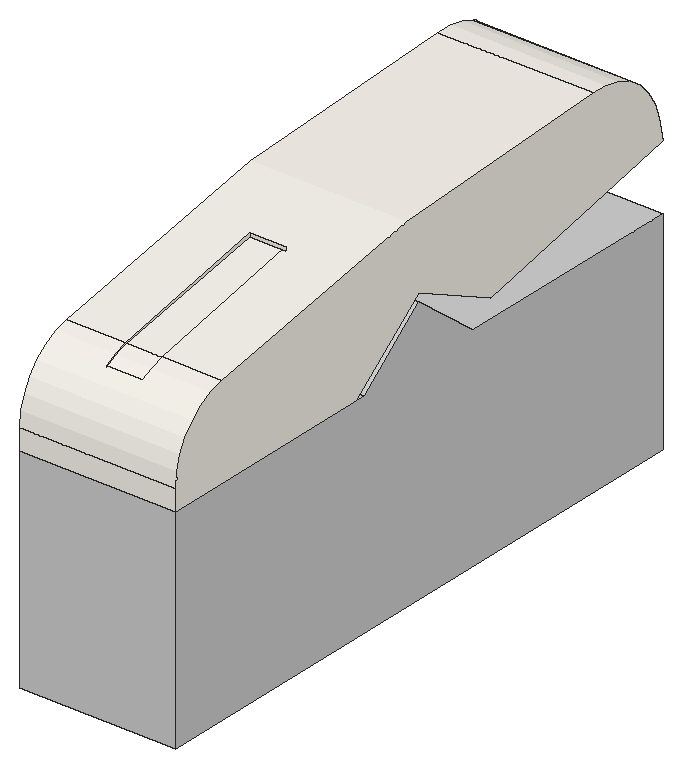
Revit family "Domotics-DomesticRanges-GEWISS-CHORUS_COMMAND-ONE-WAY_SWITCH_05M", category Apparecchi elettrici, host Superficie, Revit 2016
Family settings
  Host = Superficie
  Mantenere orientamento annotazione = Sì
  Tipo di parte = Normale
  Quota connettore circolare = Usa diametro
  Numero OmniClass = 23.80.50.11.14
  Titolo OmniClass = Switches
  Taglio con vuoti quando caricato = Sì
  Condiviso = Sì
  Punto di calcolo locali = Sì
Parameters (values of type "GW14022 - 1P - Titanium - Illuminable")
  Wiring terminals = "With screw"
  Voltage: = "250 V ac"
  Voltage = "250 V ac"
  Volt = 230 V
  Vista di pianta [instance] = yes
  Version file RFA = "19.0"
  URL = "https://www.gewiss.com/ww/en"
  Type = "Backlit"
  Tipo_ = CHORUS INTERRUTTORI 05M_BASE : GW14022 - Titanio - Illuminabile localizzazione
  Thermo-pressure with ball = "125 °C"
  Terminal tightening capacity rigid cables (mm2) = "min. 0,5 - max. 2x2,5"
  Terminal tightening capacity flexible cables (mm2) = "min. 0,75 - max. 2x4"
  Terminal grip on cable traction = "> 50 N"
  Technical sheet = "https://www.gewiss.com/ww/en/search?q=GW14022"
  Standard; = "EN 60669-1"
  Simbolo = SIMBOLO INTERRUTTORI : INT1PLUM
  SIMBOLO [instance] = yes
  SEO = "1 way switch"
  Resistance at test voltage = "2000 V at 50 Hz for 1 minute"
  Realized by GEWISS S.p.A. = ""
  Prolonged operation (no.of position changes) = "40.000 at In 250 V ac cosØ=0,6"
  Produttore = "GEWISS S.p.A."
  Offset interruttore [instance] = 0 mm
  Number of poles = "1P"
  No. Chorus modules = "1/2"
  N. poli = 1
  Modello = "GW14022"
  Larghezza pulsante = 11.5 mm
  Insulation resistance = "> 5 MOhm"
  IFC.TypeObject = ""
  IFC.ExportType = ""
  IFC.ExportAs = ""
  IDT = "6ffd061f-3751-4e0e-883d-b8c6425e8a49"
  IDF = "dff03d0d-2be5-46d5-9b56-2114d3d14214"
  Glow Wire Test = "850°C"
  Electrocod = "0130"
  EAN code = "8011564265394"
  Distanza_x [instance] = 0 mm
  Distanza_effettiva_y [instance] = 50 mm
  Distanza_effettiva_x [instance] = 1500 mm - Distanza_x  # 1500 mm
  Ofset_bidimensionale [instance] = 2 mm
  Default Elevation = 1219.2 mm
  Immagine tipo = GW14022.jpg
  Descrizione = "1-WAY SW. 1/2M 1P 10AX ILL LOC TITANIUM"
  Description: = "1P - 10AX illuminable"
  Colour = "Titanium"
  Category = "One-way switch"
  Catalogue Range = "CHORUS - DOMESTIC RANGE"
  Catalogue = "DOMOTICS"
  Carico apparente = 0 VA
  COBie.Tagnumber = ""
  COBie.CreatedOn = ""
  COBie.CreatebBy = ""
  COBie.ComponentRegisterItemID = ""
  COBie.Component.TagNumber = ""
  COBie.Component.Space = ""
  COBie.Component.SerialNumber = ""
  COBie.Component.InstallationDate = ""
  COBie.Component.Description = ""
  COBie.Component.BarCode = ""
  Button key = "With diffuser"
  Breaking capacity: = "1.25 In (200 position changes)"
  Bidimensionale = bidimensionale interruttori 05m : GW12022
Types (6, lengths in mm): name | Type | Tipo_ | Technical sheet | Simbolo | Modello | IDT | EAN code | Immagine tipo | Descrizione | Description: | Colour | Button key | Bidimensionale
  GW12021 - 1P - Black | "General" | CHORUS INTERRUTTORI 05M_BASE : GW12021 - Nero | "https://www.gewiss.com/ww/en/search?q=GW12021" | SIMBOLO INTERRUTTORI : INT1P | "GW12021" | "b4cae0e6-10d2-42db-84ad-966dc2be23fc" | "8011564265301" | GW12021.jpg | "1-WAY SWITCH, 1/2M 1P 10AX BLACK" | "1P - 10AX" | "Black" | "Neutral" | bidimensionale interruttori 05m : GW12021
  GW10021 - 1P - White | "General" | CHORUS INTERRUTTORI 05M_BASE : GW10021 - Bianco | "https://www.gewiss.com/ww/en/search?q=GW10021" | SIMBOLO INTERRUTTORI : INT1P | "GW10021" | "7fde0573-1149-4cfd-ab65-db9e033f16cb" | "8011564260993" | GW10021.jpg | "1-WAY SWITCH, 1/2M 1P 10AX WHITE" | "1P - 10AX" | "White" | "Neutral" | bidimensionale interruttori 05m : GW12021
  GW10022 - 1P - White - Illuminable | "Backlit" | CHORUS INTERRUTTORI 05M_BASE : GW10022 - Bianco - Illuminabile localizzazione | "https://www.gewiss.com/ww/en/search?q=GW10022" | SIMBOLO INTERRUTTORI : INT1PLUM | "GW10022" | "ab62cf17-13cc-47f5-9960-771af1311650" | "8011564261006" | GW10022.jpg | "1-WAY SWITCH, 1/2M 1P 10AX ILL LOC WHITE" | "1P - 10AX illuminable" | "White" | "With diffuser" | bidimensionale interruttori 05m : GW12022
  GW12022 - 1P - Black - Illuminable | "Backlit" | CHORUS INTERRUTTORI 05M_BASE : GW12022 - Nero - Illuminabile localizzazione | "https://www.gewiss.com/ww/en/search?q=GW12022" | SIMBOLO INTERRUTTORI : INT1PLUM | "GW12022" | "b9f9e110-160e-4463-ad40-9128debdf7b6" | "8011564266117" | GW12022.jpg | "1-WAY SWITCH, 1/2M 1P 10AX ILL LOC BLACK" | "1P - 10AX illuminable" | "Black" | "With diffuser" | bidimensionale interruttori 05m : GW12022
  GW14021 - 1P - Titanium | "General" | CHORUS INTERRUTTORI 05M_BASE : GW14021 - Titanio | "https://www.gewiss.com/ww/en/search?q=GW14021" | SIMBOLO INTERRUTTORI : INT1P | "GW14021" | "5b351318-2603-4489-882d-373b25f4dc50" | "8011564265387" | GW14021.jpg | "1-WAY SWITCH, 1/2M 1P 10AX TITANIUM" | "1P - 10AX" | "Titanium" | "Neutral" | bidimensionale interruttori 05m : GW12021
  GW14022 - 1P - Titanium - Illuminable | "Backlit" | CHORUS INTERRUTTORI 05M_BASE : GW14022 - Titanio - Illuminabile localizzazione | "https://www.gewiss.com/ww/en/search?q=GW14022" | SIMBOLO INTERRUTTORI : INT1PLUM | "GW14022" | "6ffd061f-3751-4e0e-883d-b8c6425e8a49" | "8011564265394" | GW14022.jpg | "1-WAY SW. 1/2M 1P 10AX ILL LOC TITANIUM" | "1P - 10AX illuminable" | "Titanium" | "With diffuser" | bidimensionale interruttori 05m : GW12022
Reference planes
  plane 1 "Centro (Fronte/Retro)": y = 0
  plane 2: z = 0
  plane 3 "Centro (Sinistra/Destra)": x = 0
  plane 4: z = 0
  plane 5 "piano bidimensionale": z = 28
  plane 6: x = -5.75
  plane 7: x = 5.75
  plane 8: z = 26
  plane 9: x = -1500
  plane 10: x = 0
Lines and regions (mm)
  Masking region 1, detail levels coarse
    outline origin (0, 0, 0) x (0, 1, 0) y (0, 0, 1)
      loop
        line (-22.5, 0) -> (22.5, 0) -> (22.5, 15.673) -> (-22.5, 15.673) -> (-22.5, 0)
  Masking region 2
    outline origin (0, 0, 0) x (1, 0, 0) y (0, 0, 1)
      loop
        line (-5.75, 26) -> (-5.75, 0) -> (5.75, 0) -> (5.75, 26) -> (-5.75, 26)
  Masking region 3, detail levels coarse
    outline origin (0, 0, 0) x (0, 1, 0) y (0, 0, 1)
      loop
        line (-22.5, 0) -> (22.5, 0) -> (22.5, 26) -> (-22.5, 26) -> (-22.5, 0)
Dimensions and locks
  "Offset interruttore": plane 4 to host face
  equal spacing: plane 6, plane 3 "Centro (Sinistra/Destra)", plane 7
  "Larghezza pulsante": plane 6 to plane 7
  locked: plane 8 to plane 4 at 26
  plane 9 to plane 3 "Centro (Sinistra/Destra)" = 1500 mm
  "Distanza_effettiva_x": plane 9 to plane 10
  plane 5 "piano bidimensionale" to plane 8 = 2 mm
  aligned and locked: plane 2 to host face
  aligned and locked: level to host face
  aligned and locked: plane 5 "piano bidimensionale" to nested 2
  aligned and locked: nested 1 to plane 4
  aligned and locked: plane 10 to nested 3
  aligned and locked: Masking region 1 sketch curve to plane 4
  aligned and locked: Masking region 1 sketch curve to nested 1  (x3)
  aligned and locked: Masking region 2 sketch curve to plane 6
  aligned and locked: Masking region 2 sketch curve to plane 7
  aligned and locked: Masking region 2 sketch curve to plane 8
  aligned and locked: Masking region 2 sketch curve to plane 4
  aligned and locked: Masking region 3 sketch curve to nested 1  (x2)
  aligned and locked: Masking region 3 sketch curve to plane 8
  aligned and locked: Masking region 3 sketch curve to plane 4
Automatic sketch dimensions
  host sketch curve to host sketch curve = 2438.4 mm  (x2)
Nested families
  nested 1: "CHORUS INTERRUTTORI 05M_BASE" at (0, 0, 0), type <- "Tipo_", type "GW14022 - Titanio - Illuminabile localizzazione", detail levels medium+fine
  nested 2: "bidimensionale interruttori 05m" at (0, 0, 28), type <- "Bidimensionale", type "GW12022", detail levels coarse
  nested 3: "SIMBOLO INTERRUTTORI" at (0, 50, 0), type <- "Simbolo", SIMBOLO <- "SIMBOLO", type "INT1PLUM"
    with Distanza dal muro 4.208 mm, BORDO ACCESO yes
Connectors
  electrical at (0, 0, 0), driven by "N. poli", driven by "Volt", driven by "Carico apparente"
    settings: on nested 1, index 1, voltage 230 V, apparent load 0 VA, apparent load phase1 0 VA, apparent load phase2 0 VA, apparent load phase3 0 VA, power factor 1, load classification "Other", number of poles 1, system type 31, power factor state 1, is connector primary yes, connector utility no, sub classification motor no, connector description ""
Definition of nested family "CHORUS INTERRUTTORI 05M_BASE"
  Parameters (values of type "GW14022 - Titanio - Illuminabile localizzazione")
    Vetrino = none
    Supporto = none
    Pulsante = none
    Profondità suporto = 15.673 mm
    Larghezza pulsante = 11.5 mm
    GW12022 = yes
    GW12021 = no
    Bidimensionale = 36.414 mm
    Altezza pulsante = 45 mm
  Types (6, lengths in mm): name | GW12022 | GW12021
    GW12021 - Nero | no | yes
    GW12022 - Nero - Illuminabile localizzazione | yes | no
    GW14021 - Titanio | no | yes
    GW14022 - Titanio - Illuminabile localizzazione | yes | no
    GW10021 - Bianco | no | yes
    GW10022 - Bianco - Illuminabile localizzazione | yes | no
  Reference planes
    plane 1 "Centro (Fronte/Retro)": y = 0
    plane 2: z = 0
    plane 3 "Centro (Sinistra/Destra)": x = 0
    plane 4: y = -22.5
    plane 5: y = 22.5
    plane 6: x = -5.75
    plane 7: x = 5.75
    plane 8: z = 15.673
    plane 9 "PIANO BIDIMENSIONALE": z = 36.414
    plane 10: x = -1.34
    plane 11: x = 1.34
  Forms (mm)
    Extrusion 1, solid, material <- "Supporto"
      sketch origin (0, 0, 0) x (0, 1, 0) y (0, 0, 1)
        loop
          line (-22.5, 0) -> (22.5, 0) -> (22.5, 15.673) -> (5, 15.673) -> (0, 19.673) -> (-5, 15.673) -> (-22.5, 15.673) -> (-22.5, 0)
      from -5.75 to 5.75
    Extrusion 2, solid, material <- "Pulsante", visible <- "GW12022", detail levels medium+fine
      sketch origin (0, 0, 0) x (0, 1, 0) y (0, 0, 1)
        loop
          line (-22.5, 15.673) -> (-5.8, 15.673) -> (0, 20.313) -> (6.657, 17.02) -> (22.519, 20.482) -> (22.148, 22.183)
          arc (22.148, 22.183) -> (19.948, 25.458) -> (16.125, 26.433) r 5.53
          arc (16.125, 26.433) -> (-1.159, 25.53) -> (-18.194, 22.47) r 137.99
          arc (-18.194, 22.47) -> (-21.286, 20.607) -> (-22.5, 17.207) r 5.368
          line (-22.5, 17.207) -> (-22.5, 15.673)
      from -5.75 to 5.75
    Extrusion 3, void
      sketch origin (0, 0, 0) x (0, 1, 0) y (0, 0, 1)
        loop
          arc (-6.8, 24.76) -> (-12.521, 23.735) -> (-18.194, 22.47) r 137.99
          arc (-18.194, 22.47) -> (-19.13, 22.19) -> (-20, 21.745) r 5.368
          line (-20, 21.745) -> (-20, 19.947)
          arc (-20, 19.947) -> (-13.435, 21.505) -> (-6.8, 22.735) r 135.99
          line (-6.8, 22.735) -> (-6.8, 24.76)
      from -1.34 to 1.34
    Extrusion 4, solid, material <- "Vetrino", visible <- "GW12022", detail levels medium+fine
      sketch origin (0, 0, 0) x (0, 1, 0) y (0, 0, 1)
        loop
          arc (-20, 19.947) -> (-13.435, 21.505) -> (-6.8, 22.735) r 135.99
          line (-6.8, 22.735) -> (-6.8, 23.748)
          arc (-6.8, 23.748) -> (-13.434, 22.527) -> (-20, 20.98) r 136.99
          line (-20, 20.98) -> (-20, 19.947)
      from -1.34 to 1.34
    Extrusion 5, solid, material <- "Pulsante"
      sketch origin (0, 0, 0) x (0, 1, 0) y (0, 0, 1)
        loop
          line (-22.5, 15.673) -> (-5.8, 15.673) -> (0, 20.313) -> (6.657, 17.02) -> (22.519, 20.482) -> (22.148, 22.183)
          arc (22.148, 22.183) -> (19.948, 25.458) -> (16.125, 26.433) r 5.53
          arc (16.125, 26.433) -> (-1.159, 25.53) -> (-18.194, 22.47) r 137.99
          arc (-18.194, 22.47) -> (-21.286, 20.607) -> (-22.5, 17.207) r 5.368
          line (-22.5, 17.207) -> (-22.5, 15.673)
      from -5.75 to 5.75
    Extrusion 6, solid, material <- "Pulsante", not visible, detail levels medium+fine
      sketch origin (0, 0, 0) x (0, 1, 0) y (0, 0, 1)
        loop
          line (-22.5, 15.673) -> (-5.8, 15.673) -> (0, 20.313) -> (6.657, 17.02) -> (22.519, 20.482) -> (22.148, 22.183)
          arc (22.148, 22.183) -> (19.948, 25.458) -> (16.125, 26.433) r 5.53
          arc (16.125, 26.433) -> (-1.159, 25.53) -> (-18.194, 22.47) r 137.99
          arc (-18.194, 22.47) -> (-21.286, 20.607) -> (-22.5, 17.207) r 5.368
          line (-22.5, 17.207) -> (-22.5, 15.673)
      from -11.5 to 11.5
    Extrusion 7, void, not visible, detail levels medium+fine
      sketch origin (0, 0, 0) x (0, 1, 0) y (0, 0, 1)
        loop
          arc (-20, 19.947) -> (-16.844, 20.738) -> (-13.67, 21.455) r 135.99
          line (-13.67, 21.455) -> (-13.67, 23.499)
          arc (-13.67, 23.499) -> (-15.936, 23.003) -> (-18.194, 22.47) r 137.99
          arc (-18.194, 22.47) -> (-19.13, 22.19) -> (-20, 21.745) r 5.368
          line (-20, 21.745) -> (-20, 19.947)
      from 3.779 to 10.113
    Extrusion 8, solid, material <- "Pulsante", visible <- "GW12022", not visible, detail levels medium+fine
      sketch origin (0, -125, 0) x (0, 1, 0) y (0, 0, 1)
        loop
          line (-22.5, 15.673) -> (-5.8, 15.673) -> (0, 20.313) -> (6.657, 17.02) -> (22.519, 20.482) -> (22.148, 22.183)
          arc (22.148, 22.183) -> (19.948, 25.458) -> (16.125, 26.433) r 5.53
          arc (16.125, 26.433) -> (-1.159, 25.53) -> (-18.194, 22.47) r 137.99
          arc (-18.194, 22.47) -> (-21.286, 20.607) -> (-22.5, 17.207) r 5.368
          line (-22.5, 17.207) -> (-22.5, 15.673)
      from -11.5 to 11.5
    Extrusion 9, void, not visible
      sketch origin (0, -125, 0) x (0, 1, 0) y (0, 0, 1)
        loop
          arc (-6.8, 24.76) -> (-12.521, 23.735) -> (-18.194, 22.47) r 137.99
          arc (-18.194, 22.47) -> (-19.13, 22.19) -> (-20, 21.745) r 5.368
          line (-20, 21.745) -> (-20, 19.947)
          arc (-20, 19.947) -> (-13.435, 21.505) -> (-6.8, 22.735) r 135.99
          line (-6.8, 22.735) -> (-6.8, 24.76)
      from 5.4 to 8.1
    Extrusion 10, solid, material <- "Vetrino", visible <- "GW12022", not visible, detail levels medium+fine
      sketch origin (0, -125, 0) x (0, 1, 0) y (0, 0, 1)
        loop
          arc (-20, 19.947) -> (-13.435, 21.505) -> (-6.8, 22.735) r 135.99
          line (-6.8, 22.735) -> (-6.8, 23.748)
          arc (-6.8, 23.748) -> (-13.434, 22.527) -> (-20, 20.98) r 136.99
          line (-20, 20.98) -> (-20, 19.947)
      from 5.4 to 8.1
  Cuts and joins
    Extrusion 3 cuts Extrusion 2
  Lines and regions (mm)
    Masking region 1, visible <- "GW12021"
      outline origin (0, 0, 36.414) x (-1, 0, 0) y (0, -1, 0)
        loop
          line (5.75, -22.5) -> (5.75, 22.5) -> (-5.75, 22.5) -> (-5.75, -22.5) -> (5.75, -22.5)
    Masking region 2, visible <- "GW12022"
      outline origin (40.306, 0, 36.414) x (-1, 0, 0) y (0, -1, 0)
        loop
          line (46.056, -22.5) -> (46.056, 22.5) -> (34.556, 22.5) -> (34.556, -22.5) -> (46.056, -22.5)
        loop
          line (41.647, 6.8) -> (41.647, 20) -> (38.966, 20) -> (38.966, 6.8) -> (41.647, 6.8)
    Masking region 3, visible <- "GW12022"
      outline origin (40.306, 0, 36.414) x (-1, 0, 0) y (0, -1, 0)
        loop
          line (41.647, 6.8) -> (41.647, 20) -> (38.966, 20) -> (38.966, 6.8) -> (41.647, 6.8)
    Masking region 4, visible <- "GW12022", not visible
      outline origin (40.306, 0, 36.414) x (-1, 0, 0) y (0, -1, 0)
        loop
          line (51.806, -22.5) -> (51.806, 22.5) -> (28.806, 22.5) -> (28.806, -22.5) -> (51.806, -22.5)
        loop
          line (34.906, 6.8) -> (34.906, 20) -> (32.206, 20) -> (32.206, 6.8) -> (34.906, 6.8)
    Masking region 5, visible <- "GW12022", not visible
      outline origin (40.306, 0, 36.414) x (-1, 0, 0) y (0, -1, 0)
        loop
          line (34.906, 6.8) -> (34.906, 20) -> (32.206, 20) -> (32.206, 6.8) -> (34.906, 6.8)
    Masking region 6, not visible
      outline origin (0, 0, 36.414) x (-1, 0, 0) y (0, -1, 0)
        loop
          line (51.806, -22.5) -> (51.806, 22.5) -> (28.806, 22.5) -> (28.806, -22.5) -> (51.806, -22.5)
        loop
          line (36.528, 13.67) -> (36.528, 20.004) -> (30.193, 20.004) -> (30.193, 13.67) -> (36.528, 13.67)
    Masking region 7, not visible
      outline origin (0, 0, 36.414) x (-1, 0, 0) y (0, -1, 0)
        loop
          line (36.528, 13.67) -> (36.528, 20.004) -> (30.193, 20.004) -> (30.193, 13.67) -> (36.528, 13.67)
  Dimensions and locks
    equal spacing: plane 4, plane 1 "Centro (Fronte/Retro)", plane 5
    plane 4 to plane 5 = 45 mm
    equal spacing: plane 6, plane 3 "Centro (Sinistra/Destra)", plane 7
    "Larghezza pulsante": plane 6 to plane 7
    equal spacing: plane 5, plane 1 "Centro (Fronte/Retro)", plane 4
    "Altezza pulsante": plane 5 to plane 4
    "Profondità suporto": plane 8 to plane 2
    "Bidimensionale": plane 9 "PIANO BIDIMENSIONALE" to level
    equal spacing: plane 10, plane 3 "Centro (Sinistra/Destra)", plane 11
    aligned and locked: level to plane 2
    aligned and locked: Extrusion 1 sketch curve to plane 4
    aligned and locked: plane 5 to Extrusion 1 sketch curve
    aligned and locked: Extrusion 1 sketch curve to plane 2
    aligned and locked: Extrusion 1 to plane 6
    aligned and locked: plane 7 to Extrusion 1
    aligned and locked: Masking region 1 sketch curve to Extrusion 1  (x3)
    aligned and locked: Extrusion 3 to Masking region 2  (x2)
    aligned and locked: plane 7 to Masking region 2
    aligned and locked: Masking region 2 to plane 6
    aligned and locked: plane 7 to Extrusion 5
    aligned and locked: Extrusion 5 to plane 6
    aligned and locked: Extrusion 2 to plane 6
    aligned and locked: plane 7 to Extrusion 2
    aligned and locked: plane 10 to cut or joined group of Extrusion 2, Extrusion 3
    aligned and locked: Extrusion 4 to plane 11
    aligned and locked: Masking region 3 to plane 11
    aligned and locked: cut or joined group of Extrusion 2, Extrusion 3 to plane 11
    aligned and locked: plane 10 to Extrusion 4
    aligned and locked: plane 10 to Masking region 3
    aligned and locked: Masking region 2 to plane 10
  Automatic sketch dimensions
    Masking region 2 sketch curve to Masking region 2 sketch curve = 4.41 mm
    Masking region 2 sketch curve to Masking region 2 sketch curve = 2.681 mm
    Masking region 3 sketch curve to Masking region 3 sketch curve = 2.681 mm
    Masking region 2 sketch curve to Masking region 2 sketch curve = 11.5 mm
    Masking region 2 sketch curve to Masking region 2 sketch curve = 29.3 mm
    Masking region 2 sketch curve to Masking region 2 sketch curve = 13.2 mm
    Masking region 2 sketch curve to Masking region 2 sketch curve = 2.5 mm
    Masking region 3 sketch curve to Masking region 3 sketch curve = 13.2 mm
    Masking region 4 sketch curve to Masking region 4 sketch curve = 3.4 mm
    Masking region 4 sketch curve to Masking region 4 sketch curve = 2.7 mm
    Masking region 5 sketch curve to Masking region 5 sketch curve = 2.7 mm
    Masking region 4 sketch curve to Masking region 4 sketch curve = 23 mm
    Masking region 4 sketch curve to Masking region 4 sketch curve = 29.3 mm
    Masking region 4 sketch curve to Masking region 4 sketch curve = 13.2 mm
    Masking region 4 sketch curve to Masking region 4 sketch curve = 2.5 mm
    Masking region 5 sketch curve to Masking region 5 sketch curve = 13.2 mm
    Masking region 6 sketch curve to Masking region 6 sketch curve = 1.387 mm
    Masking region 6 sketch curve to Masking region 6 sketch curve = 6.335 mm  (x2)
    Masking region 6 sketch curve to Masking region 6 sketch curve = 23 mm
    Masking region 7 sketch curve to Masking region 7 sketch curve = 6.335 mm  (x2)
    Masking region 6 sketch curve to Masking region 6 sketch curve = 36.17 mm
    Masking region 6 sketch curve to Masking region 6 sketch curve = 2.496 mm
    Extrusion 2 sketch curve to Extrusion 2 sketch curve = 1.243 mm
    Extrusion 4 sketch curve to Extrusion 4 sketch curve = 1.013 mm
    Extrusion 4 sketch curve to Extrusion 4 sketch curve = 0 mm  (x3)
    Extrusion 2 sketch curve to Extrusion 2 sketch curve = 5.368 mm
    Extrusion 2 sketch curve to Extrusion 2 sketch curve = 11.331 mm
    Extrusion 2 sketch curve to Extrusion 2 sketch curve = 5.8 mm
    Extrusion 2 sketch curve to Extrusion 2 sketch curve = 6.657 mm
    Extrusion 2 sketch curve to Extrusion 2 sketch curve = 8.016 mm
    Extrusion 2 sketch curve to Extrusion 2 sketch curve = 10.103 mm
    Extrusion 2 sketch curve to Extrusion 2 sketch curve = 5.388 mm
    Extrusion 2 sketch curve to Extrusion 2 sketch curve = 0.371 mm
    Extrusion 2 sketch curve to Extrusion 2 sketch curve = 127.222 mm
    Extrusion 2 sketch curve to Extrusion 2 sketch curve = 1.347 mm
    Extrusion 2 sketch curve to Extrusion 2 sketch curve = 1.535 mm
    Extrusion 2 sketch curve to Extrusion 2 sketch curve = 3.293 mm
    Extrusion 2 sketch curve to Extrusion 2 sketch curve = 3.462 mm
    Extrusion 2 sketch curve to Extrusion 2 sketch curve = 1.062 mm
    Extrusion 4 sketch curve to Extrusion 4 sketch curve = 13.2 mm
    Extrusion 4 sketch curve to Extrusion 4 sketch curve = 34.673 mm
    Extrusion 4 sketch curve to Extrusion 4 sketch curve = 131.496 mm
    plane 8 to Extrusion 1 sketch curve = 0 mm  (x2)
    Extrusion 1 sketch curve to plane 1 "Centro (Fronte/Retro)" = 0 mm
    Extrusion 1 sketch curve to plane 1 "Centro (Fronte/Retro)" = 5 mm
    Extrusion 1 sketch curve to plane 8 = 4 mm
    Extrusion 3 sketch curve to Extrusion 3 sketch curve = 0 mm  (x3)
    Extrusion 3 sketch curve to Extrusion 3 sketch curve = 2.739 mm
    Extrusion 3 sketch curve to Extrusion 3 sketch curve = 1.799 mm
    Extrusion 3 sketch curve to Extrusion 3 sketch curve = 2.025 mm
    Extrusion 3 sketch curve to Extrusion 3 sketch curve = 2.868 mm
    Extrusion 3 sketch curve to Extrusion 3 sketch curve = 10.332 mm
    Extrusion 3 sketch curve to Extrusion 3 sketch curve = 31.805 mm
    Extrusion 3 sketch curve to Extrusion 3 sketch curve = 128.756 mm
    Extrusion 5 sketch curve to plane 4 = 0 mm
    plane 8 to Extrusion 5 sketch curve = 0 mm
    Extrusion 5 sketch curve to plane 1 "Centro (Fronte/Retro)" = 0 mm
    Extrusion 5 sketch curve to plane 8 = 1.535 mm
    Extrusion 5 sketch curve to plane 8 = 1.347 mm
    Extrusion 5 sketch curve to plane 1 "Centro (Fronte/Retro)" = 6.657 mm
    Extrusion 5 sketch curve to plane 5 = 7.827 mm
    Extrusion 5 sketch curve to plane 5 = 5.74 mm
    Extrusion 5 sketch curve to plane 5 = 0.352 mm
    plane 5 to Extrusion 5 sketch curve = 0.019 mm
    Extrusion 5 sketch curve to level = 111.549 mm
    Extrusion 5 sketch curve to plane 8 = 4.64 mm
    Extrusion 5 sketch curve to plane 8 = 4.81 mm
    Extrusion 5 sketch curve to Extrusion 5 sketch curve = 1.243 mm
    Extrusion 6 sketch curve to Extrusion 6 sketch curve = 1.243 mm
    Extrusion 7 sketch curve to Extrusion 7 sketch curve = 1.754 mm
    Extrusion 7 sketch curve to Extrusion 7 sketch curve = 0 mm  (x4)
    Extrusion 6 sketch curve to Extrusion 6 sketch curve = 5.368 mm
    Extrusion 6 sketch curve to Extrusion 6 sketch curve = 11.331 mm
    Extrusion 6 sketch curve to Extrusion 6 sketch curve = 5.8 mm
    Extrusion 6 sketch curve to Extrusion 6 sketch curve = 6.657 mm
    Extrusion 6 sketch curve to Extrusion 6 sketch curve = 8.016 mm
    Extrusion 6 sketch curve to Extrusion 6 sketch curve = 10.103 mm
    Extrusion 6 sketch curve to Extrusion 6 sketch curve = 5.388 mm
    Extrusion 6 sketch curve to Extrusion 6 sketch curve = 0.371 mm
    Extrusion 6 sketch curve to Extrusion 6 sketch curve = 127.222 mm
    Extrusion 6 sketch curve to Extrusion 6 sketch curve = 1.347 mm
    Extrusion 6 sketch curve to Extrusion 6 sketch curve = 1.535 mm
    Extrusion 6 sketch curve to Extrusion 6 sketch curve = 3.293 mm
    Extrusion 6 sketch curve to Extrusion 6 sketch curve = 3.462 mm
    Extrusion 6 sketch curve to Extrusion 6 sketch curve = 1.062 mm
    Extrusion 7 sketch curve to Extrusion 7 sketch curve = 2.868 mm
    Extrusion 7 sketch curve to Extrusion 7 sketch curve = 6.33 mm
    Extrusion 7 sketch curve to Extrusion 7 sketch curve = 31.805 mm
    Extrusion 7 sketch curve to Extrusion 7 sketch curve = 128.756 mm
    Extrusion 7 sketch curve to Extrusion 7 sketch curve = 2.739 mm
    Extrusion 7 sketch curve to Extrusion 7 sketch curve = 1.799 mm
    Extrusion 8 sketch curve to Extrusion 8 sketch curve = 1.243 mm
    Extrusion 10 sketch curve to Extrusion 10 sketch curve = 1.013 mm
    Extrusion 10 sketch curve to Extrusion 10 sketch curve = 0 mm  (x4)
    Extrusion 8 sketch curve to Extrusion 8 sketch curve = 5.368 mm
    Extrusion 8 sketch curve to Extrusion 8 sketch curve = 11.331 mm
    Extrusion 8 sketch curve to Extrusion 8 sketch curve = 5.8 mm
    Extrusion 8 sketch curve to Extrusion 8 sketch curve = 6.657 mm
    Extrusion 8 sketch curve to Extrusion 8 sketch curve = 8.016 mm
    Extrusion 8 sketch curve to Extrusion 8 sketch curve = 10.103 mm
    Extrusion 8 sketch curve to Extrusion 8 sketch curve = 5.388 mm
    Extrusion 8 sketch curve to Extrusion 8 sketch curve = 0.371 mm
    Extrusion 8 sketch curve to Extrusion 8 sketch curve = 127.222 mm
    Extrusion 8 sketch curve to Extrusion 8 sketch curve = 1.347 mm
    Extrusion 8 sketch curve to Extrusion 8 sketch curve = 1.535 mm
    Extrusion 8 sketch curve to Extrusion 8 sketch curve = 3.293 mm
    Extrusion 8 sketch curve to Extrusion 8 sketch curve = 3.462 mm
    Extrusion 8 sketch curve to Extrusion 8 sketch curve = 1.062 mm
    Extrusion 10 sketch curve to Extrusion 10 sketch curve = 13.2 mm
    Extrusion 10 sketch curve to Extrusion 10 sketch curve = 34.673 mm
    Extrusion 10 sketch curve to Extrusion 10 sketch curve = 131.496 mm
    Extrusion 9 sketch curve to Extrusion 9 sketch curve = 0 mm  (x4)
    Extrusion 9 sketch curve to Extrusion 9 sketch curve = 2.739 mm
    Extrusion 9 sketch curve to Extrusion 9 sketch curve = 1.799 mm
    Extrusion 9 sketch curve to Extrusion 9 sketch curve = 2.025 mm
    Extrusion 9 sketch curve to Extrusion 9 sketch curve = 2.868 mm
    Extrusion 9 sketch curve to Extrusion 9 sketch curve = 10.332 mm
    Extrusion 9 sketch curve to Extrusion 9 sketch curve = 31.805 mm
    Extrusion 9 sketch curve to Extrusion 9 sketch curve = 128.756 mm
    Masking region 1 sketch curve to plane 7 = 0 mm
    Extrusion 2 sketch curve to plane 4 = 0 mm
    plane 8 to Extrusion 2 sketch curve = 0 mm
    Extrusion 3 sketch curve to level = 111.549 mm
    Extrusion 4 sketch curve to level = 111.549 mm
    Masking region 2 sketch curve to plane 5 = 0 mm
    plane 7 to Masking region 2 sketch curve = 0 mm
    Masking region 3 sketch curve to plane 7 = 4.41 mm
    plane 1 "Centro (Fronte/Retro)" to Extrusion 1 sketch curve = 5 mm
    plane 1 "Centro (Fronte/Retro)" to Masking region 3 sketch curve = 6.8 mm
    plane 4 to Extrusion 3 sketch curve = 2.5 mm
    plane 4 to Extrusion 4 sketch curve = 2.5 mm
    Extrusion 5 sketch curve to Extrusion 5 sketch curve = 5.368 mm
    plane 1 "Centro (Fronte/Retro)" to Extrusion 5 sketch curve = 5.8 mm
    plane 4 to Extrusion 5 sketch curve = 4.306 mm
Definition of nested family "bidimensionale interruttori 05m"
  Parameters (values of type "GW12022")
    larghezza = 11.5 mm  # constant formula
    GW12022 = yes
    GW12021 = no
  Types (2, lengths in mm): name | GW12022 | GW12021
    GW12021 | no | yes
    GW12022 | yes | no
  Reference planes
    plane 1 "Centro (Fronte/Retro)": y = 0
    plane 2: z = 0
    plane 3 "Centro (Sinistra/Destra)": x = 0
    plane 4: x = -5.75
    plane 5: x = 5.75
    plane 6: y = 22.5
    plane 7: y = -22.5
  Lines and regions (mm)
    model lines, visible <- "GW12022"
      curve 1: line (-5.75, -22.5, 0) -> (-5.75, 22.5, 0)
      curve 2: line (5.75, -22.5, 0) -> (-5.75, -22.5, 0)
      curve 3: line (5.75, 22.5, 0) -> (5.75, -22.5, 0)
      curve 4: line (-1.35, -20, 0) -> (1.35, -20, 0)
      curve 5: line (-1.35, -6.8, 0) -> (-1.35, -20, 0)
      curve 6: line (1.35, -6.8, 0) -> (-1.35, -6.8, 0)
      curve 7: line (1.35, -20, 0) -> (1.35, -6.8, 0)
      curve 8: line (-5.75, 22.5, 0) -> (5.75, 22.5, 0)
    model lines, visible <- "GW12021"
      curve 9: line (-5.75, -22.5, 0) -> (-5.75, 22.5, 0)
      curve 10: line (5.75, -22.5, 0) -> (-5.75, -22.5, 0)
      curve 11: line (5.75, 22.5, 0) -> (5.75, -22.5, 0)
      curve 12: line (-5.75, 22.5, 0) -> (5.75, 22.5, 0)
    model lines, visible <- "GW12021", not visible
      curve 13: line (-5.75, -22.5, 0) -> (-5.75, 22.5, 0)
      curve 14: line (5.75, -22.5, 0) -> (-5.75, -22.5, 0)
      curve 15: line (5.75, 22.5, 0) -> (5.75, -22.5, 0)
      curve 16: line (-5.75, 22.5, 0) -> (5.75, 22.5, 0)
    model lines, visible <- "GW12022", not visible
      curve 17: line (-5.75, -22.5, 0) -> (-5.75, 22.5, 0)
      curve 18: line (5.75, -22.5, 0) -> (-5.75, -22.5, 0)
      curve 19: line (5.75, 22.5, 0) -> (5.75, -22.5, 0)
      curve 20: line (-1.35, -20, 0) -> (1.35, -20, 0)
      curve 21: line (-1.35, -6.8, 0) -> (-1.35, -20, 0)
      curve 22: line (1.35, -6.8, 0) -> (-1.35, -6.8, 0)
      curve 23: line (1.35, -20, 0) -> (1.35, -6.8, 0)
      curve 24: line (-5.75, 22.5, 0) -> (5.75, 22.5, 0)
    model lines, not visible
      curve 25: line (-11.5, -22.5, 0) -> (-11.5, 22.5, 0)
      curve 26: line (11.5, -22.5, 0) -> (-11.5, -22.5, 0)
      curve 27: line (11.5, 22.5, 0) -> (11.5, -22.5, 0)
      curve 28: line (3.779, -20, 0) -> (10.113, -20, 0)
      curve 29: line (3.779, -13.67, 0) -> (3.779, -20, 0)
      curve 30: line (10.113, -13.67, 0) -> (3.779, -13.67, 0)
      curve 31: line (10.113, -20, 0) -> (10.113, -13.67, 0)
      curve 32: line (-11.5, 22.5, 0) -> (11.5, 22.5, 0)
  Dimensions and locks
    equal spacing: plane 4, plane 3 "Centro (Sinistra/Destra)", plane 5
    "larghezza": plane 4 to plane 5
    equal spacing: plane 6, plane 1 "Centro (Fronte/Retro)", plane 7
    aligned and locked: level to plane 2
Definition of nested family "SIMBOLO INTERRUTTORI"
  Parameters (values of type "RELE PP")
    TIPO SIMBOLO = SIMBOLO INTERRUTTORI_BASE : RELE PP
    SIMBOLO [instance] = yes
    Distanza dal muro [instance] = 4.208 mm
    BORDO ACCESO [instance] = yes
  Types (8, lengths in mm): name | TIPO SIMBOLO
    INT1P | SIMBOLO INTERRUTTORI_BASE : INT1P
    INT1PLUM | SIMBOLO INTERRUTTORI_BASE : INT1PLUM
    INT2P | SIMBOLO INTERRUTTORI_BASE : INT2P
    INT2PLUM | SIMBOLO INTERRUTTORI_BASE : INT2PLUM
    INTCHIAVE | SIMBOLO INTERRUTTORI_BASE : INTCHIAVE
    RELE | SIMBOLO INTERRUTTORI_BASE : RELE
    RELE M | SIMBOLO INTERRUTTORI_BASE : RELE M
    RELE PP | SIMBOLO INTERRUTTORI_BASE : RELE PP
  Reference planes
    plane 1: y = 0
    plane 2: x = 0
  Lines and regions (mm)
    detail lines, visible <- "BORDO ACCESO", not visible
      curve 1: line (-2.25, 0.412, 0) -> (2.25, 0.412, 0)
      curve 2: line (2.25, 0.412, 0) -> (2.25, -5.588, 0)
      curve 3: line (2.25, -5.588, 0) -> (-2.25, -5.588, 0)
      curve 4: line (-2.25, -5.588, 0) -> (-2.25, 0.412, 0)
      curve 30: line (-1.85, 0.012, 0) -> (1.85, 0.012, 0)
      curve 31: line (1.85, 0.012, 0) -> (1.85, -5.188, 0)
      curve 32: line (1.85, -5.188, 0) -> (-1.85, -5.188, 0)
      curve 33: line (-1.85, -5.188, 0) -> (-1.85, 0.012, 0)
      curve 34: line (-2.25, 6, 0) -> (2.25, 6, 0)
      curve 35: line (2.25, 6, 0) -> (2.25, 0, 0)
      curve 36: line (2.25, 0, 0) -> (-2.25, 0, 0)
      curve 37: line (-2.25, 0, 0) -> (-2.25, 6, 0)
      curve 61: line (-1.85, 5.6, 0) -> (1.85, 5.6, 0)
      curve 62: line (1.85, 5.6, 0) -> (1.85, 0.4, 0)
      curve 63: line (1.85, 0.4, 0) -> (-1.85, 0.4, 0)
      curve 64: line (-1.85, 0.4, 0) -> (-1.85, 5.6, 0)
    detail lines, not visible
      curve 5: line (-9.473, -5.588, 0) -> (10.527, -5.588, 0)
      curve 6: circle (-0.56, -0.487, 0) r 0.969 normal (0, 0, 1)
      curve 7: line (-0.005, 0.306, 0) -> (0.852, 1.529, 0)
      curve 8: line (0.852, 1.529, 0) -> (1.529, 1.047, 0)
      curve 9: circle (-0.56, -315.487, 0) r 0.969 normal (0, 0, 1)
      curve 10: line (-0.005, -314.694, 0) -> (0.852, -313.471, 0)
      curve 11: line (0.852, -313.471, 0) -> (1.529, -313.953, 0)
      curve 12: line (-1.245, -314.803, 0) -> (0.124, -316.172, 0)
      curve 13: line (0.124, -314.803, 0) -> (-1.245, -316.172, 0)
      curve 14: circle (-0.56, -480.487, 0) r 0.969 normal (0, 0, 1)
      curve 15: line (-0.005, -479.694, 0) -> (0.852, -478.471, 0)
      curve 16: line (0.852, -478.471, 0) -> (1.529, -478.953, 0)
      curve 17: line (0.493, -478.983, 0) -> (1.167, -479.462, 0)
      curve 18: circle (-0.56, -880.487, 0) r 0.969 normal (0, 0, 1)
      curve 19: line (-0.005, -879.694, 0) -> (0.852, -878.471, 0)
      curve 20: line (0.852, -878.471, 0) -> (1.529, -878.953, 0)
      curve 21: line (-1.245, -879.803, 0) -> (0.124, -881.172, 0)
      curve 22: line (0.124, -879.803, 0) -> (-1.245, -881.172, 0)
      curve 23: line (0.493, -878.983, 0) -> (1.167, -879.462, 0)
      curve 24: circle (-0.56, -365.487, 0) r 0.969 normal (0, 0, 1)
      curve 25: line (-0.005, -364.694, 0) -> (0.852, -363.471, 0)
      curve 26: line (0.852, -363.471, 0) -> (1.529, -363.953, 0)
      curve 27: line (-0.56, -364.925, 0) -> (-0.56, -366.05, 0)
      curve 28: line (0.493, -363.983, 0) -> (1.167, -364.462, 0)
      curve 29: line (0, 3.621, 0) -> (0, -16.379, 0)
      curve 38: circle (-0.56, 2.417, 0) r 0.969 normal (0, 0, 1)
      curve 39: line (-0.005, 3.21, 0) -> (0.852, 4.433, 0)
      curve 40: line (0.852, 4.433, 0) -> (1.529, 3.951, 0)
      curve 41: circle (-0.56, 2.417, 0) r 0.969 normal (0, 0, 1)
      curve 42: line (-0.005, 3.21, 0) -> (0.852, 4.433, 0)
      curve 43: line (0.852, 4.433, 0) -> (1.529, 3.951, 0)
      curve 44: line (-1.245, 3.102, 0) -> (0.124, 1.732, 0)
      curve 45: line (0.124, 3.102, 0) -> (-1.245, 1.732, 0)
      curve 46: circle (-0.56, 2.417, 0) r 0.969 normal (0, 0, 1)
      curve 47: line (-0.005, 3.21, 0) -> (0.852, 4.433, 0)
      curve 48: line (0.852, 4.433, 0) -> (1.529, 3.951, 0)
      curve 49: circle (-0.56, 2.417, 0) r 0.969 normal (0, 0, 1)
      curve 50: line (-0.005, 3.21, 0) -> (0.852, 4.433, 0)
      curve 51: line (0.852, 4.433, 0) -> (1.529, 3.951, 0)
      curve 52: line (-1.245, 3.102, 0) -> (0.124, 1.732, 0)
      curve 53: line (0.124, 3.102, 0) -> (-1.245, 1.732, 0)
      curve 54: line (0.493, 3.921, 0) -> (1.167, 3.442, 0)
      curve 55: line (0.493, 3.921, 0) -> (1.167, 3.442, 0)
      curve 56: circle (-0.56, 2.417, 0) r 0.969 normal (0, 0, 1)
      curve 57: line (-0.005, 3.21, 0) -> (0.852, 4.433, 0)
      curve 58: line (0.852, 4.433, 0) -> (1.529, 3.951, 0)
      curve 59: line (-0.56, 2.979, 0) -> (-0.56, 1.854, 0)
      curve 60: line (0.493, 3.921, 0) -> (1.167, 3.442, 0)
  Dimensions and locks
    aligned and locked: curve 5 to curve 3
    aligned and locked: plane 2 to nested 1
    aligned and locked: plane 1 to nested 1
  Nested families
    nested 1: "SIMBOLO INTERRUTTORI_BASE" at (0, 0, 0), type <- "TIPO SIMBOLO", BORDO ACCESO <- "BORDO ACCESO", visible <- "SIMBOLO", type "RELE PP"
      with BORDO ACCESO yes
  Definition of nested family "SIMBOLO INTERRUTTORI_BASE"
    Parameters (values of type "RELE PP")
      RELE PP = yes
      RELE M = no
      RELE = yes
      INTCHIAVE = no
      INT2PLUM = no
      INT2P = no
      INT1PLUM = no
      INT1P = no
      Distanza dal muro = 4.208 mm
      BORDO ACCESO [instance] = yes
    Types (8, lengths in mm): name | RELE PP | RELE M | RELE | INTCHIAVE | INT2PLUM | INT2P | INT1PLUM | INT1P
      INT1P | no | no | no | no | no | no | no | yes
      INT1PLUM | no | no | no | no | no | no | yes | no
      INT2P | no | no | no | no | no | yes | no | no
      INT2PLUM | no | no | no | no | yes | no | no | no
      INTCHIAVE | no | no | no | yes | no | no | no | no
      RELE | no | no | yes | no | no | no | no | no
      RELE M | no | yes | yes | no | no | no | no | no
      RELE PP | yes | no | yes | no | no | no | no | no
    Reference planes
      plane 1: y = 0
      plane 2: x = 0
    Lines and regions (mm)
      detail lines, visible <- "BORDO ACCESO", not visible
        curve 1: line (-2.25, 0.412, 0) -> (2.25, 0.412, 0)
        curve 2: line (2.25, 0.412, 0) -> (2.25, -5.588, 0)
        curve 3: line (2.25, -5.588, 0) -> (-2.25, -5.588, 0)
        curve 4: line (-2.25, -5.588, 0) -> (-2.25, 0.412, 0)
        curve 53: line (-1.85, 0.012, 0) -> (1.85, 0.012, 0)
        curve 54: line (1.85, 0.012, 0) -> (1.85, -5.188, 0)
        curve 55: line (1.85, -5.188, 0) -> (-1.85, -5.188, 0)
        curve 56: line (-1.85, -5.188, 0) -> (-1.85, 0.012, 0)
        curve 57: line (-2.25, 6, 0) -> (2.25, 6, 0)
        curve 58: line (2.25, 6, 0) -> (2.25, 0, 0)
        curve 59: line (2.25, 0, 0) -> (-2.25, 0, 0)
        curve 60: line (-2.25, 0, 0) -> (-2.25, 6, 0)
        curve 84: line (-1.85, 5.6, 0) -> (1.85, 5.6, 0)
        curve 85: line (1.85, 5.6, 0) -> (1.85, 0.4, 0)
        curve 86: line (1.85, 0.4, 0) -> (-1.85, 0.4, 0)
        curve 87: line (-1.85, 0.4, 0) -> (-1.85, 5.6, 0)
      detail lines, not visible
        curve 5: line (-9.473, -5.588, 0) -> (10.527, -5.588, 0)
        curve 52: line (0, 3.621, 0) -> (0, -16.379, 0)
      detail lines, visible <- "INT1P"
        curve 6: circle (-0.285, 0.931, 0) r 0.531 normal (0, 0, 1)
        curve 7: line (0.02, 1.365, 0) -> (0.489, 2.035, 0)
        curve 8: line (0.489, 2.035, 0) -> (0.86, 1.771, 0)
      detail lines, visible <- "INT1P", not visible
        curve 9: circle (-0.56, -0.487, 0) r 0.969 normal (0, 0, 1)
        curve 10: line (-0.005, 0.306, 0) -> (0.852, 1.529, 0)
        curve 11: line (0.852, 1.529, 0) -> (1.529, 1.047, 0)
        curve 61: circle (-0.56, 2.417, 0) r 0.969 normal (0, 0, 1)
        curve 62: line (-0.005, 3.21, 0) -> (0.852, 4.433, 0)
        curve 63: line (0.852, 4.433, 0) -> (1.529, 3.951, 0)
        curve 112: circle (-0.285, 2.181, 0) r 0.531 normal (0, 0, 1)
        curve 113: line (0.02, 2.615, 0) -> (0.489, 3.285, 0)
        curve 114: line (0.489, 3.285, 0) -> (0.86, 3.021, 0)
      detail lines, visible <- "INT1PLUM"
        curve 12: circle (-0.285, 0.931, 0) r 0.531 normal (0, 0, 1)
        curve 13: line (0.02, 1.365, 0) -> (0.489, 2.035, 0)
        curve 14: line (0.489, 2.035, 0) -> (0.86, 1.771, 0)
        curve 15: line (-0.66, 1.306, 0) -> (0.091, 0.555, 0)
        curve 16: line (0.091, 1.306, 0) -> (-0.66, 0.555, 0)
      detail lines, visible <- "INT1PLUM", not visible
        curve 17: circle (-0.56, -315.487, 0) r 0.969 normal (0, 0, 1)
        curve 18: line (-0.005, -314.694, 0) -> (0.852, -313.471, 0)
        curve 19: line (0.852, -313.471, 0) -> (1.529, -313.953, 0)
        curve 20: line (-1.245, -314.803, 0) -> (0.124, -316.172, 0)
        curve 21: line (0.124, -314.803, 0) -> (-1.245, -316.172, 0)
        curve 64: circle (-0.56, 2.417, 0) r 0.969 normal (0, 0, 1)
        curve 65: line (-0.005, 3.21, 0) -> (0.852, 4.433, 0)
        curve 66: line (0.852, 4.433, 0) -> (1.529, 3.951, 0)
        curve 67: line (-1.245, 3.102, 0) -> (0.124, 1.732, 0)
        curve 68: line (0.124, 3.102, 0) -> (-1.245, 1.732, 0)
        curve 115: circle (-0.285, 2.181, 0) r 0.531 normal (0, 0, 1)
        curve 116: line (0.02, 2.615, 0) -> (0.489, 3.285, 0)
        curve 117: line (0.489, 3.285, 0) -> (0.86, 3.021, 0)
        curve 118: line (-0.66, 2.556, 0) -> (0.091, 1.805, 0)
        curve 119: line (0.091, 2.556, 0) -> (-0.66, 1.805, 0)
      detail lines, visible <- "INT2P"
        curve 22: circle (-0.285, 0.931, 0) r 0.531 normal (0, 0, 1)
        curve 23: line (0.02, 1.365, 0) -> (0.489, 2.035, 0)
        curve 24: line (0.489, 2.035, 0) -> (0.86, 1.771, 0)
        curve 30: line (0.293, 1.755, 0) -> (0.662, 1.492, 0)
      detail lines, visible <- "INT2PLUM"
        curve 25: circle (-0.285, 0.931, 0) r 0.531 normal (0, 0, 1)
        curve 26: line (0.02, 1.365, 0) -> (0.489, 2.035, 0)
        curve 27: line (0.489, 2.035, 0) -> (0.86, 1.771, 0)
        curve 28: line (-0.66, 1.306, 0) -> (0.091, 0.555, 0)
        curve 29: line (0.091, 1.306, 0) -> (-0.66, 0.555, 0)
        curve 31: line (0.293, 1.755, 0) -> (0.662, 1.492, 0)
      detail lines, visible <- "INT2P", not visible
        curve 32: circle (-0.56, -480.487, 0) r 0.969 normal (0, 0, 1)
        curve 33: line (-0.005, -479.694, 0) -> (0.852, -478.471, 0)
        curve 34: line (0.852, -478.471, 0) -> (1.529, -478.953, 0)
        curve 35: line (0.493, -478.983, 0) -> (1.167, -479.462, 0)
        curve 69: circle (-0.56, 2.417, 0) r 0.969 normal (0, 0, 1)
        curve 70: line (-0.005, 3.21, 0) -> (0.852, 4.433, 0)
        curve 71: line (0.852, 4.433, 0) -> (1.529, 3.951, 0)
        curve 77: line (0.493, 3.921, 0) -> (1.167, 3.442, 0)
        curve 120: circle (-0.285, 2.181, 0) r 0.531 normal (0, 0, 1)
        curve 121: line (0.02, 2.615, 0) -> (0.489, 3.285, 0)
        curve 122: line (0.489, 3.285, 0) -> (0.86, 3.021, 0)
        curve 128: line (0.293, 3.005, 0) -> (0.662, 2.742, 0)
      detail lines, visible <- "INT2PLUM", not visible
        curve 36: circle (-0.56, -880.487, 0) r 0.969 normal (0, 0, 1)
        curve 37: line (-0.005, -879.694, 0) -> (0.852, -878.471, 0)
        curve 38: line (0.852, -878.471, 0) -> (1.529, -878.953, 0)
        curve 39: line (-1.245, -879.803, 0) -> (0.124, -881.172, 0)
        curve 40: line (0.124, -879.803, 0) -> (-1.245, -881.172, 0)
        curve 41: line (0.493, -878.983, 0) -> (1.167, -879.462, 0)
        curve 72: circle (-0.56, 2.417, 0) r 0.969 normal (0, 0, 1)
        curve 73: line (-0.005, 3.21, 0) -> (0.852, 4.433, 0)
        curve 74: line (0.852, 4.433, 0) -> (1.529, 3.951, 0)
        curve 75: line (-1.245, 3.102, 0) -> (0.124, 1.732, 0)
        curve 76: line (0.124, 3.102, 0) -> (-1.245, 1.732, 0)
        curve 78: line (0.493, 3.921, 0) -> (1.167, 3.442, 0)
        curve 123: circle (-0.285, 2.181, 0) r 0.531 normal (0, 0, 1)
        curve 124: line (0.02, 2.615, 0) -> (0.489, 3.285, 0)
        curve 125: line (0.489, 3.285, 0) -> (0.86, 3.021, 0)
        curve 126: line (-0.66, 2.556, 0) -> (0.091, 1.805, 0)
        curve 127: line (0.091, 2.556, 0) -> (-0.66, 1.805, 0)
        curve 129: line (0.293, 3.005, 0) -> (0.662, 2.742, 0)
      detail lines, visible <- "INTCHIAVE"
        curve 42: circle (-0.285, 0.931, 0) r 0.531 normal (0, 0, 1)
        curve 43: line (0.02, 1.365, 0) -> (0.489, 2.035, 0)
        curve 44: line (0.489, 2.035, 0) -> (0.86, 1.771, 0)
        curve 45: line (-0.285, 1.25, 0) -> (-0.285, 0.622, 0)
        curve 46: line (0.293, 1.755, 0) -> (0.662, 1.492, 0)
      detail lines, visible <- "INTCHIAVE", not visible
        curve 47: circle (-0.56, -365.487, 0) r 0.969 normal (0, 0, 1)
        curve 48: line (-0.005, -364.694, 0) -> (0.852, -363.471, 0)
        curve 49: line (0.852, -363.471, 0) -> (1.529, -363.953, 0)
        curve 50: line (-0.56, -364.925, 0) -> (-0.56, -366.05, 0)
        curve 51: line (0.493, -363.983, 0) -> (1.167, -364.462, 0)
        curve 79: circle (-0.56, 2.417, 0) r 0.969 normal (0, 0, 1)
        curve 80: line (-0.005, 3.21, 0) -> (0.852, 4.433, 0)
        curve 81: line (0.852, 4.433, 0) -> (1.529, 3.951, 0)
        curve 82: line (-0.56, 2.979, 0) -> (-0.56, 1.854, 0)
        curve 83: line (0.493, 3.921, 0) -> (1.167, 3.442, 0)
        curve 130: circle (-0.285, 2.181, 0) r 0.531 normal (0, 0, 1)
        curve 131: line (0.02, 2.615, 0) -> (0.489, 3.285, 0)
        curve 132: line (0.489, 3.285, 0) -> (0.86, 3.021, 0)
        curve 133: line (-0.285, 2.5, 0) -> (-0.285, 1.872, 0)
        curve 134: line (0.293, 3.005, 0) -> (0.662, 2.742, 0)
      detail lines, visible <- "RELE"
        curve 88: line (-0.795, 1.705, 0) -> (0.795, 1.705, 0)
        curve 89: line (-0.795, 0.796, 0) -> (-0.795, 1.705, 0)
        curve 90: line (0.795, 0.796, 0) -> (-0.795, 0.796, 0)
        curve 91: line (0.795, 1.705, 0) -> (0.795, 0.796, 0)
        curve 92: line (0, 1.705, 0) -> (0, 2.027, 0)
        curve 93: line (0, 0.796, 0) -> (0, 0.483, 0)
      detail lines, visible <- "RELE M"
        curve 94: line (0.29, 1.606, 0) -> (-0.29, 0.891, 0)
        curve 95: line (0.29, 1.606, 0) -> (0.501, 1.606, 0)
        curve 96: line (-0.29, 0.891, 0) -> (-0.511, 0.891, 0)
      detail lines, visible <- "RELE PP"
        curve 97: line (0, 1.606, 0) -> (0, 0.891, 0)
        curve 98: line (-0.245, 0.891, 0) -> (0, 0.891, 0)
        curve 99: line (0.189, 1.606, 0) -> (0, 1.606, 0)
      detail lines, visible <- "RELE", not visible
        curve 100: line (-1.85, -1.48, 0) -> (1.053, -1.48, 0)
        curve 101: line (-1.85, -3.139, 0) -> (-1.85, -1.48, 0)
        curve 102: line (1.053, -3.139, 0) -> (-1.85, -3.139, 0)
        curve 103: line (1.053, -1.48, 0) -> (1.053, -3.139, 0)
        curve 104: line (-0.399, -1.48, 0) -> (-0.399, -0.893, 0)
        curve 105: line (-0.399, -3.139, 0) -> (-0.399, -3.727, 0)
        curve 135: line (-0.795, 2.955, 0) -> (0.795, 2.955, 0)
        curve 136: line (-0.795, 2.046, 0) -> (-0.795, 2.955, 0)
        curve 137: line (0.795, 2.046, 0) -> (-0.795, 2.046, 0)
        curve 138: line (0.795, 2.955, 0) -> (0.795, 2.046, 0)
        curve 139: line (0, 2.955, 0) -> (0, 3.277, 0)
        curve 140: line (0, 2.046, 0) -> (0, 1.733, 0)
      detail lines, visible <- "RELE M", not visible
        curve 106: line (0.13, -1.659, 0) -> (-0.927, -2.964, 0)
        curve 107: line (0.13, -1.659, 0) -> (0.544, -1.659, 0)
        curve 108: line (-0.927, -2.964, 0) -> (-1.341, -2.964, 0)
        curve 141: line (0.29, 2.856, 0) -> (-0.29, 2.141, 0)
        curve 142: line (0.29, 2.856, 0) -> (0.501, 2.856, 0)
        curve 143: line (-0.29, 2.141, 0) -> (-0.511, 2.141, 0)
      detail lines, visible <- "RELE PP", not visible
        curve 109: line (-0.399, -1.659, 0) -> (-0.399, -2.964, 0)
        curve 110: line (-0.799, -2.964, 0) -> (-0.399, -2.964, 0)
        curve 111: line (0.001, -1.659, 0) -> (-0.399, -1.659, 0)
        curve 144: line (0, 2.856, 0) -> (0, 2.141, 0)
        curve 145: line (-0.245, 2.141, 0) -> (0, 2.141, 0)
        curve 146: line (0.189, 2.856, 0) -> (0, 2.856, 0)
    Dimensions and locks
      aligned and locked: curve 5 to curve 3
